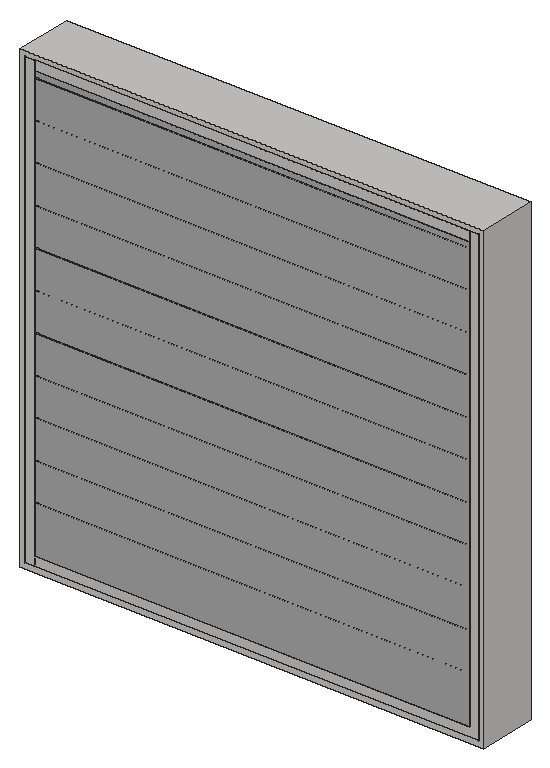
Revit family
Parameters (values of type "Louver_Frmd-Mtl_SFJ-630_All-Lite")
  URL = "http://www.alllite-louvers.com"
  Specifications = "http://www.alllite-louvers.com/catalog/ASFJ-630-csi-specification.doc"
  Spacing = 0.333 ft
  SmartBIM Object Version = 3  # constant formula
  SmartBIM Object Created By = "Reed Construction Data"  # constant formula
  Shim Thickness = 0.042 ft
  Screen Width = Width - (2 * Shim Thickness) - 2 * 0.083333 ft  # 3.749333 ft
  Screen Height = Height - (2 * Shim Thickness) - 2 * 0.098958 ft  # 3.718083 ft
  Screen = Aluminum
  Rough Width = 0.0 ft
  Rough Height = 0.0 ft
  Product URL = "http://www.alllite-louvers.com/catalog.php?model=SFJ-630"
  Pressure Loss (in.wg.) = "0.08"  # constant formula
  OmniClass Title = "Exterior Louvers and Grilles"  # constant formula
  OmniClass Code = "23-60 11 17"  # constant formula
  Model Number = "SFJ-630"  # constant formula
  Minimum Size = "12\" x 12\""
  Maximum Size - Single Section = "60\" x 120\" or 120\" x 60\""
  Maximum Size - Multiple Section = "Unlimited"
  Manufacturer = "All-Lite"  # constant formula
  Louver Width = Width - (2 * Shim Thickness) - 0.166667 ft  # 3.749333 ft
  Louver = Galvannealed Steel
  Height = 4.0 ft
  Free Area for 48”x48” Louver = "65.2%"
  Free Area Velocity (fpm) = "825"  # constant formula
  Free Area (ft²) for 48"x48" Louver = 10.4 ft
  Frame = Galvannealed Steel
  Default Sill Height = 3.0 ft
  Wall Closure = (empty or 0)
  Width = 4.0 ft
  Cut Sheet = "http://www.alllite-louvers.com/catalog/ASFJ630.pdf"
  Assembly Code = "B2010300"
  Air Volume Delivered (cfm) = "8,580"  # constant formula
  95 CSI = "10200 "  # constant formula
  04 CSI = "08 91 00"  # constant formula
  # of Louvers = (Height - 0.25 ft) / (Spacing)  # 11
Reference planes (ft)
  plane 1 "Center (Front/Back)": y = 0
  plane 2: z = 0.291667
  plane 3 "Center (Left/Right)": x = 0
  plane 4 "Left": x = -2
  plane 5 "Right": x = 2
  plane 6 "Sill": z = 3.291667
  plane 7 "Top": z = 7.291667
  plane 8: x = -1.958
  plane 9: x = 1.958
  plane 10: z = 7.249667
  plane 11: z = 3.333667
  plane 12: z = 5.291667
  plane 13: z = 7.137303
  plane 14: z = 3.521167
  plane 15: z = 7.165683
  plane 16: z = 3.417728
Forms (ft)
  Sweep 1, solid, material "Galvannealed Steel" <- "Frame"
    path origin (-5, 0.333333, 0) x (-1, 0, 0) y (0, 0, 1)
      loop
        line (-3.121667, 7.249667) -> (-6.878333, 7.249667)
    profile "Head Horizontal Mullion : Head Horizontal Mullion" origin (0, 0.333333, 7.249667) x (0, 0, -1) y (0, 1, 0)
      loop
        line (0.077148, -0.00675) -> (0.077148, -0.49325) -> (0.00675, -0.49325) -> (0.00675, -0.46875) -> (0, -0.46875) -> (0, -0.5) -> (0.083984, -0.5) -> (0.083984, 0) -> (0, 0) -> (0, -0.03125) -> (0.00675, -0.03125) -> (0.00675, -0.00675) -> (0.077148, -0.00675)
  Sweep 2, solid, material "Galvannealed Steel" <- "Frame"
    path origin (-5, 0.333333, 0) x (-1, 0, 0) y (0, 0, 1)
      loop
        line (-6.878333, 3.333667) -> (-3.121667, 3.333667)
    profile "Horizontal Mullion : Horizontal Mullion" origin (0, 0.333333, 3.333667) x (0, 0, 1) y (0, 1, 0)
      loop
        line (0.077226, -0.49325) -> (0.00675, -0.49325) -> (0.00675, -0.46875) -> (0, -0.46875) -> (0, -0.5) -> (0.084062, -0.5) -> (0.084062, 0) -> (0, 0) -> (0, -0.03125) -> (0.00675, -0.03125) -> (0.00675, -0.00675) -> (0.077226, -0.00675) -> (0.077226, -0.49325)
  Sweep 3, solid, material "Galvannealed Steel" <- "Frame"
    path origin (-5, 0.333333, 0) x (-1, 0, 0) y (0, 0, 1)
      loop
        line (-6.958, 3.333667) -> (-6.958, 7.249667)
    profile "Vertical Mullion : Vertical Mullion" origin (1.958, 0.333333, 5.291667) x (1, 0, 0) y (0, 1, 0)
      loop
        line (-0.00675, -0.00675) -> (-0.00675, -0.038) -> (0, -0.038) -> (0, 0) -> (-0.079667, 0) -> (-0.079667, -0.5) -> (0, -0.5) -> (0, -0.46875) -> (-0.00675, -0.46875) -> (-0.00675, -0.49325) -> (-0.06925, -0.49325) -> (-0.06925, -0.00675) -> (-0.00675, -0.00675)
  Sweep 4, solid, material "Galvannealed Steel" <- "Frame"
    path origin (5, 0.333333, 0) x (1, 0, 0) y (0, 0, -1)
      loop
        line (-6.958, -3.333667) -> (-6.958, -7.249667)
    profile "Vertical Mullion : Vertical Mullion" origin (-1.958, 0.333333, 5.291667) x (1, 0, 0) y (0, 1, 0)
      loop
        line (0.00675, -0.00675) -> (0.06925, -0.00675) -> (0.06925, -0.49325) -> (0.00675, -0.49325) -> (0.00675, -0.46875) -> (0, -0.46875) -> (0, -0.5) -> (0.079667, -0.5) -> (0.079667, 0) -> (0, 0) -> (0, -0.038) -> (0.00675, -0.038) -> (0.00675, -0.00675)
  Sweep 5, solid, material "Galvannealed Steel" <- "Frame"
    path origin (-5, 0.333333, 0) x (-1, 0, 0) y (0, 0, 1)
      loop
        line (-3, 7.291667) -> (-7, 7.291667) -> (-7, 3.291667) -> (-3, 3.291667) -> (-3, 7.291667)
    profile origin (-2, 0.333333, 5.291667) x (0, 1, 0) y (-1, 0, 0)
      loop
        line (0, 0) -> (-0.5, 0) -> (-0.5, -0.042) -> (0, -0.042) -> (0, 0)
  Extrusion 6, solid, material "Aluminum" <- "Screen"
    sketch origin (1.385417, -0.018542, 7.25) x (-1, 0, 0) y (0, 0, -1)
      loop
        line (3.26375, 0.084317) -> (3.26375, 3.832605) -> (-0.492917, 3.832605) -> (-0.492917, 0.084317) -> (3.26375, 0.084317)
    from 0.141375 to 0.148172
Cuts and joins
  joined: Sweep 2, Sweep 3, Sweep 4
Lines and regions (ft)
  Opening 1
    outline origin (-5, -0.333333, 0) x (1, 0, 0) y (0, 0, 1)
      loop
        line (3, 7.291667) -> (3, 3.291667) -> (7, 3.291667) -> (7, 7.291667) -> (3, 7.291667)
  Masking region 1, detail levels fine
    outline origin (0, 0, 0) x (1, 0, 0) y (0, 1, 0)
      loop
        line (-1.958, 0.295333) -> (-1.95125, 0.295333) -> (-1.95125, 0.326583) -> (-1.88875, 0.326583) -> (-1.88875, -0.159917) -> (-1.95125, -0.159917) -> (-1.95125, -0.135417) -> (-1.958, -0.135417) -> (-1.958, -0.166667) -> (-1.878333, -0.166667) -> (-1.878333, 0.333333) -> (-1.958, 0.333333) -> (-1.958, 0.295333)
      loop
        line (1.958, -0.135417) -> (1.95125, -0.135417) -> (1.95125, -0.159917) -> (1.88875, -0.159917) -> (1.88875, 0.326583) -> (1.95125, 0.326583) -> (1.95125, 0.295333) -> (1.958, 0.295333) -> (1.958, 0.333333) -> (1.878333, 0.333333) -> (1.878333, -0.166667) -> (1.958, -0.166667) -> (1.958, -0.135417)
  Masking region 2, detail levels coarse+medium
    outline origin (0, 0, 0) x (1, 0, 0) y (0, 1, 0)
      loop
        line (2, -0.166667) -> (2, 0.333333) -> (1.878333, 0.333333) -> (1.878333, -0.166667) -> (2, -0.166667)
      loop
        line (-1.878333, -0.166667) -> (-1.878333, 0.333333) -> (-2, 0.333333) -> (-2, -0.166667) -> (-1.878333, -0.166667)
Text (ft)
  text "EXTERIOR" at (-4.890733, 4.242245, 0), in view "Ref. Level"
  text "INTERIOR" at (-4.890733, -3.147199, 0), in view "Ref. Level"
  text "Exterior" at (0, 3.638026, 10.266337), in view "Left"
  text "Exterior" at (0, 1.524487, 10.420622), in view "Right"
Dimensions and locks (ft)
  equal spacing: plane 4 "Left", plane 3 "Center (Left/Right)", plane 5 "Right"
  "Width": plane 4 "Left" to plane 5 "Right"
  "Height": plane 6 "Sill" to plane 7 "Top"
  "Default Sill Height": plane 2 to plane 6 "Sill"
  "Shim Thickness": plane 4 "Left" to plane 8
  "Shim Thickness": plane 9 to plane 5 "Right"
  "Shim Thickness": plane 10 to plane 7 "Top"
  "Shim Thickness": plane 6 "Sill" to plane 11
  equal spacing: plane 11, plane 12, plane 10
  Sweep 5 to Sweep 5 = 0.5 ft
  locked: plane 10 to plane 13 at 0.112364
  locked: Extrusion 6 to Extrusion 6 at 0.006797
  locked: plane 14 to plane 11 at 0.1875
  equal spacing: group 1, group 3, group 4, group 5, group 6, group 7, group 8, group 9, group 10, group 11, group 2  (x2)
  equal spacing: group 2, group 11, group 10, group 9, group 8, group 7, group 6, group 5, group 4, group 3, group 1
  locked: plane 16 to plane 11 at 0.084062
  locked: plane 10 to plane 15 at 0.083984
  aligned and locked: plane 7 "Top" to Opening 1 sketch curve
  aligned and locked: plane 6 "Sill" to Opening 1 sketch curve  (x2)
  aligned and locked: plane 5 "Right" to Opening 1 sketch curve
  aligned and locked: plane 4 "Left" to Opening 1 sketch curve
  aligned and locked: plane 10 to Sweep 1 sketch curve
  aligned and locked: Sweep 2 sketch curve to plane 11
  aligned and locked: plane 9 to Sweep 3 sketch curve
  aligned and locked: Sweep 4 sketch curve to plane 8
  aligned and locked: Sweep 5 sketch curve to plane 4 "Left"
  aligned and locked: Sweep 5 sketch curve to plane 7 "Top"
  aligned and locked: Sweep 5 sketch curve to plane 6 "Sill"
  aligned and locked: Sweep 5 sketch curve to plane 5 "Right"
  aligned and locked: Sweep 5 sketch curve to host wall  (x2)
  aligned and locked: plane 8 to Sweep 5 sketch curve
  aligned and locked: plane 10 to Sweep 4 sketch curve
  aligned and locked: profile plane to host wall
  aligned and locked: plane 11 to Sweep 4 sketch curve
  aligned and locked: plane 11 to Sweep 3 sketch curve
  aligned and locked: cut or joined group of Sweep 2, Sweep 3, Sweep 4 to Sweep 1 sketch curve
  aligned and locked: Sweep 1 sketch curve to cut or joined group of Sweep 2, Sweep 3, Sweep 4
  aligned and locked: cut or joined group of Sweep 2, Sweep 3, Sweep 4 to Extrusion 6
  aligned and locked: Sweep 5 sketch curve to cut or joined group of Sweep 2, Sweep 3, Sweep 4
  aligned and locked: plane 13 to nested 1
  aligned and locked: nested 1 to Extrusion 6
  aligned and locked: plane 3 "Center (Left/Right)" to nested 1
  aligned and locked: plane 3 "Center (Left/Right)" to nested 2
  aligned and locked: nested 2 to plane 14
  aligned and locked: Extrusion 6 to nested 2
  aligned and locked: Masking region 1 sketch curve to cut or joined group of Sweep 2, Sweep 3, Sweep 4  (x17)
  aligned and locked: Masking region 1 sketch curve to Sweep 5
  aligned and locked: Sweep 5 to Masking region 1 sketch curve  (x5)
  aligned and locked: Masking region 2 sketch curve to Sweep 5  (x2)
  aligned and locked: Masking region 2 sketch curve to cut or joined group of Sweep 2, Sweep 3, Sweep 4  (x4)
  aligned and locked: Masking region 2 sketch curve to host wall
  aligned and locked: host wall to Masking region 2 sketch curve
  aligned and locked: Extrusion 6 to cut or joined group of Sweep 2, Sweep 3, Sweep 4  (x2)
  aligned: plane 16 to Extrusion 6
  aligned and locked: plane 15 to Extrusion 6
Automatic sketch dimensions
  Sweep 3 sketch curve to plane 10 = 0.0 ft
  plane 9 to Extrusion 6 sketch curve = 0.079667 ft
  plane 8 to Extrusion 6 sketch curve = 0.079667 ft
  Extrusion 6 sketch curve to plane 10 = 0.083984 ft
  plane 9 to Sweep 2 sketch curve = 0.079667 ft
  plane 8 to Sweep 2 sketch curve = 0.079667 ft
  Masking region 1 sketch curve to plane 9 = 0.0 ft  (x2)
Nested families (ft)
  nested 1: "Louver Single" at (0, 0.175739, 6.80397), type "Louver"
  nested 2: "Louver Single" at (0, 0.175739, 3.521167), type "Louver"
  nested 3: "Louver Single" at (0, 0.175739, 6.475689), type "Louver"
  nested 4: "Louver Single" at (0, 0.175739, 6.147409), type "Louver"
  nested 5: "Louver Single" at (0, 0.175739, 5.819129), type "Louver"
  nested 6: "Louver Single" at (0, 0.175739, 5.490849), type "Louver"
  nested 7: "Louver Single" at (0, 0.175739, 5.162568), type "Louver"
  nested 8: "Louver Single" at (0, 0.175739, 4.834288), type "Louver"
  nested 9: "Louver Single" at (0, 0.175739, 4.506008), type "Louver"
  nested 10: "Louver Single" at (0, 0.175739, 4.177727), type "Louver"
  nested 11: "Louver Single" at (0, 0.175739, 3.849447), type "Louver"
Connectors (ft)
  hvac at (0, -0.166714, 5.291539), driven by "Screen Height", driven by "Screen Width"
    settings: on Extrusion 6, index 1
Definition of nested family "Louver Single"
  Parameters (values of type "Louver")
    Louver Length = 3.75 ft
    Depth = 0.333333 ft
    Louver Single = yes
    Louver = All-Lite - El Cajon Silver
    Assembly Code = ""
  Reference planes (ft)
    plane 1 "Center (Front/Back)": y = -0.085938
    plane 2: z = 0
    plane 3 "Center (Left/Right)": x = 0
    plane 4: x = -1.875
    plane 5: x = 1.875
    plane 6: y = -0.335655
    plane 7: z = 0.333333
    plane 8: y = 0.164345
  Forms (ft)
    Extrusion 1, solid, material "All-Lite - El Cajon Silver" <- "Louver"
      sketch origin (0, 0, 0) x (0, 1, 0) y (0, 0, 1)
        loop
          arc (0.144532, 0.023147) -> (0.146438, 0.021241) -> (0.147136, 0.018636) r 0.005208
          line (0.147136, 0.018636) -> (0.147136, -0.03265) -> (0.11821, -0.03265) -> (0.11821, -0.038731) -> (0.152386, -0.038731) -> (0.152386, 0.01866)
          arc (0.152386, 0.01866) -> (0.150991, 0.023869) -> (0.147178, 0.027682) r 0.010417
          line (0.147178, 0.027682) -> (0.113386, 0.047191) -> (0.107028, 0.060228) -> (0.090806, 0.060228) -> (-0.269152, 0.26805) -> (-0.276221, 0.281345) -> (-0.292181, 0.281345) -> (-0.327801, 0.301911)
          arc (-0.327801, 0.301911) -> (-0.329708, 0.303817) -> (-0.330405, 0.306421) r 0.005208
          line (-0.330405, 0.306421) -> (-0.330405, 0.356713) -> (-0.301239, 0.356713) -> (-0.301239, 0.361713) -> (-0.335655, 0.361713) -> (-0.335655, 0.306397)
          arc (-0.335655, 0.306397) -> (-0.33426, 0.301189) -> (-0.330447, 0.297376) r 0.010417
          line (-0.330447, 0.297376) -> (-0.295036, 0.276931) -> (-0.286903, 0.262845) -> (-0.271564, 0.26338) -> (0.089145, 0.055124) -> (0.092533, 0.041539) -> (0.110501, 0.042795) -> (0.144532, 0.023147)
      from -1.875 to 1.875
  Dimensions and locks (ft)
    equal spacing: plane 4, plane 3 "Center (Left/Right)", plane 5
    "Louver Length": plane 4 to plane 5
    locked: plane 7 to level at 0.333333
    locked: plane 8 to plane 6 at 0.5
    aligned and locked: level to plane 2
    aligned and locked: Extrusion 1 to plane 4
    aligned and locked: plane 5 to Extrusion 1
  Automatic sketch dimensions
    Extrusion 1 sketch curve to plane 6 = 0.0 ft
    plane 6 to Extrusion 1 sketch curve = 0.005208 ft
    plane 6 to Extrusion 1 sketch curve = 0.00525 ft
    Extrusion 1 sketch curve to Extrusion 1 sketch curve = 0.002604 ft
    Extrusion 1 sketch curve to Extrusion 1 sketch curve = 0.002563 ft
    Extrusion 1 sketch curve to Extrusion 1 sketch curve = 0.000042 ft  (x2)
    Extrusion 1 sketch curve to Extrusion 1 sketch curve = 0.029167 ft
    plane 6 to Extrusion 1 sketch curve = 0.04062 ft
    Extrusion 1 sketch curve to Extrusion 1 sketch curve = 0.002855 ft
    Extrusion 1 sketch curve to Extrusion 1 sketch curve = 0.008133 ft
    Extrusion 1 sketch curve to Extrusion 1 sketch curve = 0.015959 ft
    Extrusion 1 sketch curve to Extrusion 1 sketch curve = 0.015338 ft
    Extrusion 1 sketch curve to Extrusion 1 sketch curve = 0.002412 ft
    Extrusion 1 sketch curve to Extrusion 1 sketch curve = 0.001661 ft
    Extrusion 1 sketch curve to Extrusion 1 sketch curve = 0.003387 ft
    Extrusion 1 sketch curve to Extrusion 1 sketch curve = 0.016222 ft
    Extrusion 1 sketch curve to Extrusion 1 sketch curve = 0.003472 ft
    Extrusion 1 sketch curve to Extrusion 1 sketch curve = 0.002886 ft
    Extrusion 1 sketch curve to plane 8 = 0.046134 ft
    Extrusion 1 sketch curve to plane 8 = 0.022417 ft
    Extrusion 1 sketch curve to Extrusion 1 sketch curve = 0.002562 ft
    Extrusion 1 sketch curve to plane 8 = 0.017208 ft
    Extrusion 1 sketch curve to Extrusion 1 sketch curve = 0.002646 ft
    Extrusion 1 sketch curve to Extrusion 1 sketch curve = 0.00525 ft
    Extrusion 1 sketch curve to level = 0.038731 ft
    Extrusion 1 sketch curve to Extrusion 1 sketch curve = 0.006081 ft
    level to Extrusion 1 sketch curve = 0.018636 ft
    Extrusion 1 sketch curve to Extrusion 1 sketch curve = 0.000024 ft
    level to Extrusion 1 sketch curve = 0.041539 ft
    Extrusion 1 sketch curve to Extrusion 1 sketch curve = 0.001256 ft
    Extrusion 1 sketch curve to Extrusion 1 sketch curve = 0.004396 ft
    Extrusion 1 sketch curve to Extrusion 1 sketch curve = 0.005103 ft
    Extrusion 1 sketch curve to Extrusion 1 sketch curve = 0.000536 ft
    Extrusion 1 sketch curve to Extrusion 1 sketch curve = 0.014087 ft
    Extrusion 1 sketch curve to Extrusion 1 sketch curve = 0.013296 ft
    Extrusion 1 sketch curve to plane 7 = 0.035957 ft
    Extrusion 1 sketch curve to Extrusion 1 sketch curve = 0.004486 ft
    plane 7 to Extrusion 1 sketch curve = 0.023379 ft
    Extrusion 1 sketch curve to Extrusion 1 sketch curve = 0.005 ft
    level to Extrusion 1 sketch curve = 0.055124 ft
    Extrusion 1 sketch curve to Extrusion 1 sketch curve = 0.004669 ft
    Extrusion 1 sketch curve to Extrusion 1 sketch curve = 0.034532 ft
    Extrusion 1 sketch curve to Extrusion 1 sketch curve = 0.055387 ft
